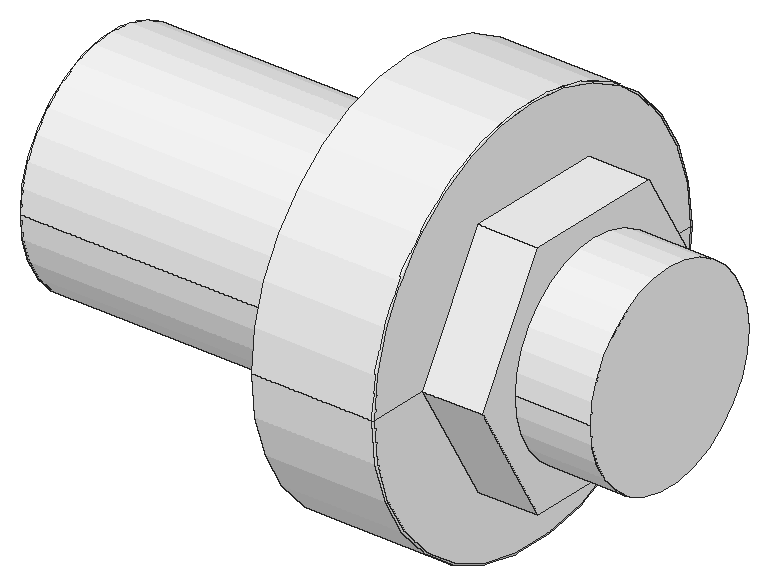
Revit family "BIMLIB_Муфта_комбинированная_ВР_под_ключ_РОСТерм", category Соединительные детали трубопроводов, Revit 2017
Family settings
  Размер круглого соединителя = Использовать диаметр
  Тип детали = Соединение
  На основе рабочей плоскости = Нет
  Всегда вертикально = Да
  При загрузке вырезать с полостями = Нет
  Общий = Нет
Parameters (values of type "Муфта комбинированная, под ключ ВР")
  Описание = "Муфта комбинированная внутренняя резьба под ключ"  # constant formula
  K Coefficient = 0.5  # constant formula
  Изготовитель = "РОСТерм"  # constant formula
  URL = "http://rostherm.ru/"
  РТ_S [instance] = РТ_GN + 14 mm  # 79 mm
  РТ_L1 = 55 mm  # constant formula
  РТ_L [instance] = size_lookup("Муфта комбинированная НР", "РТ_L", 0 mm, РТ_DN, РТ_GN)  # 99 mm
  РТ_GN [instance] = 65 mm
  РТ_DN [instance] = 75 mm
  РТ_D [instance] = РТ_DN * 1.35 + 30 mm  # 131.25 mm
  BL_Разработано = "support@bimlib.ru"  # constant formula
  BL_Email = "rostherm@bimlib.ru"  # constant formula
  BL_BIM library = "https://bimlib.pro/manufacturer/rosterm/1632/"
  ADSK_Примечание = ""
  ADSK_Позиция = ""
  ADSK_Обозначение = "ГОСТ 32415-2013"  # constant formula
  ADSK_Наименование краткое [instance] = size_lookup("КРнаим", "", "-", РТ_DN, РТ_GN)  # "Муфта комбинированная‚ под ключ ВР 75х2 1/2”"
  ADSK_Наименование [instance] = size_lookup("Муфта комбинированная НР", "", "-", РТ_DN, РТ_GN)  # "Муфта комбинированная‚ под ключ внутренняя резьба 75х2 1/2”"
  ADSK_Материал = BIMLIB_Белый_РТ
  ADSK_Масса_Текст = ""
  ADSK_Масса = 0
  ADSK_Марка [instance] = size_lookup("марка", "", "-", РТ_DN, РТ_GN)  # "ВР 75х2 1/2”"
  ADSK_Код изделия [instance] = size_lookup("код", "", "-", РТ_DN, РТ_GN)  # "BN21132"
  ADSK_Завод-изготовитель = "РОСТерм"  # constant formula
  ADSK_Единица измерения = "шт"  # constant formula
  ADSK_Версия Revit = "2017"  # constant formula
  ADSK_URL страницы изделия = "http://rostherm.ru/truby-i-fitingi-iz-polipropilena-pprt/"
  ADSK_URL документации изделия = "http://rostherm.ru/"
Reference planes
  plane 1 "По центру (Вперед/Назад)": y = 0
  plane 2: z = 0
  plane 3 "По центру (Влево/Вправо)": x = 0
  plane 4: x = -99
  plane 5: x = 40
  plane 6: y = 65.625
  plane 7: y = -65.625
  plane 8: y = 37.5
  plane 9: y = -37.5
  plane 10: x = 85
  plane 11: x = 60
Forms (mm)
  Revolve 1, solid, material "BIMLIB_Белый_РТ" <- "ADSK_Материал", detail levels medium+fine
    sketch origin (0, 0, 0) x (1, 0, 0) y (0, 1, 0)
      loop
        line (0, 65.625) -> (0, 0) -> (40, 0) -> (40, 65.125)
        arc (40, 65.125) -> (39.854, 65.479) -> (39.5, 65.625) r 0.5
        line (39.5, 65.625) -> (0, 65.625)
      axis (0, 0) -> (40, 0)
    angle from 0 to 360
  Revolve 2, solid, material "BIMLIB_Белый_РТ" <- "ADSK_Материал", detail levels medium+fine
    sketch origin (0, 0, 0) x (1, 0, 0) y (0, 1, 0)
      loop
        arc (-98.5, 37.5) -> (-98.854, 37.354) -> (-99, 37) r 0.5
        line (-99, 37) -> (-99, 0) -> (0, 0) -> (0, 37.5) -> (-98.5, 37.5)
      axis (-99, 0) -> (0, 0)
    angle from 0 to 360
  Extrusion 3, solid, material "BIMLIB_Белый_РТ" <- "ADSK_Материал", detail levels medium+fine
    sketch origin (0, 0, 0) x (0, 1, 0) y (0, 0, 1)
      loop
        circle (0, 0) r 32.5
    from 85 to 60
Lines and regions (mm)
  reference lines
    curve 1: line (-99, 0, 0) -> (58.5, 0, 0)
Dimensions and locks
  equal spacing: plane 6, plane 1 "По центру (Вперед/Назад)", plane 7
  "РТ_D": plane 6 to plane 7
  equal spacing: plane 8, plane 1 "По центру (Вперед/Назад)", plane 9
  "РТ_DN": plane 8 to plane 9
  "РТ_L": plane 4 to plane 3 "По центру (Влево/Вправо)"
  locked: plane 3 "По центру (Влево/Вправо)" to plane 5 at 40
  locked: plane 5 to plane 11 at 20
  locked: plane 11 to plane 10 at 25
  radius of Revolve 1 sketch curve = 0.5 mm
  radius of Revolve 2 sketch curve = 0.5 mm
  "РТ_GN": diameter of Extrusion 3 sketch curve
  aligned and locked: level to plane 2
  aligned and locked: Revolve 1 sketch curve to plane 6
  aligned and locked: plane 3 "По центру (Влево/Вправо)" to Revolve 1 sketch curve
  aligned and locked: Revolve 1 sketch curve to plane 1 "По центру (Вперед/Назад)"
  aligned and locked: Revolve 1 sketch curve to plane 5
  aligned and locked: Revolve 1 sketch curve to Revolve 1 sketch curve  (x2)
  aligned and locked: Revolve 2 sketch curve to plane 8
  aligned and locked: plane 4 to Revolve 2 sketch curve
  aligned and locked: Revolve 2 sketch curve to plane 1 "По центру (Вперед/Назад)"
  aligned and locked: Revolve 1 to Revolve 2 sketch curve
  aligned and locked: Revolve 2 sketch curve to Revolve 2 sketch curve  (x2)
  aligned and locked: plane 1 "По центру (Вперед/Назад)" to nested 1
  aligned and locked: plane 3 "По центру (Влево/Вправо)" to nested 1
  aligned and locked: plane 4 to curve 1
  aligned and locked: plane 1 "По центру (Вперед/Назад)" to curve 1
  aligned and locked: plane 5 to nested 2
  aligned and locked: plane 11 to nested 2
  aligned and locked: Extrusion 3 to nested 2
  aligned and locked: plane 10 to Extrusion 3
Automatic sketch dimensions
  Revolve 1 sketch curve to plane 5 = 0.24 mm
  Revolve 2 sketch curve to plane 3 "По центру (Влево/Вправо)" = 0 mm
  Revolve 2 sketch curve to Revolve 2 sketch curve = 0 mm
  Extrusion 3 sketch curve to level = 0 mm
  Extrusion 3 sketch curve to plane 1 "По центру (Вперед/Назад)" = 0 mm
  plane 5 to curve 1 = 18.5 mm
Nested families
  nested 1: "УГО_Переходник" at (0, 0, 0), Высота_ном <- "РТ_D", Длина ном1 <- "РТ_L", Длина_ном <- "РТ_L1", type "УГО_Переходник", detail levels coarse
    with Длина_ном 55 mm, Длина ном1 99 mm, Высота_ном 131.25 mm
  nested 2: "Гайка" at (40, 0, 0), Материал гайки <- "ADSK_Материал", S <- "РТ_S", type "Гайка", detail levels medium+fine
    with Материал гайки BIMLIB_Белый_РТ, h 20 mm, S 79 mm
Connectors
  piping at (-99, 0, 0), diameter 75, driven by "РТ_DN"
    settings: on curve 1, index 1, connector inside diameter 609.6 mm, connector length 0 mm, flow factor 0, pipe flow 0.0 L/s, pressure drop 0.0 Pa, fitting loss kfactor 0, connector angle 0.00°, fixture units 0, engagement length 0 mm, angle of deflection 0.00°, flow configuration 0, flow direction 0, fitting loss method 4, system type 28, joint type 0, gender type 0, connector reference index 2, connector utility 0, adjustable connector yes, is connector primary yes, connector description ""
  piping at (60, 0, 0), diameter 65, driven by "РТ_GN"
    settings: on Extrusion 3, index 2, connector inside diameter 609.6 mm, connector length 0 mm, flow factor 0, pipe flow 0.0 L/s, pressure drop 0.0 Pa, fitting loss kfactor 0, connector angle 0.00°, fixture units 0, engagement length 0 mm, angle of deflection 0.00°, flow configuration 0, flow direction 0, fitting loss method 0, system type 28, joint type 0, gender type 0, connector reference index 1, connector utility 0, adjustable connector no, is connector primary no, connector description ""
Definition of nested family "Гайка"
  Parameters (values of type "Гайка 6")
    Материал гайки [instance] = none
    h [instance] = 12 mm
    S [instance] = 32 mm
  Reference planes
    plane 1 "По центру (Вперед/Назад)": y = 0
    plane 2: z = 0
    plane 3 "По центру (Влево/Вправо)": x = 0
    plane 4: x = 12
  Forms (mm)
    Extrusion 1, solid, material <- "Материал гайки"
      sketch origin (0, 0, 0) x (0, 1, 0) y (0, 0, 1)
        loop
          line (-9.238, 16) -> (-18.475, 0) -> (-9.238, -16) -> (9.238, -16) -> (18.475, 0) -> (9.238, 16) -> (-9.238, 16)
      from 0 to 12
  Dimensions and locks
    equal spacing: Extrusion 1 sketch curve, plane 2, Extrusion 1 sketch curve  (x3)
    "S": Extrusion 1 sketch curve to Extrusion 1 sketch curve  (x3)
    "h": plane 3 "По центру (Влево/Вправо)" to plane 4
    locked: Extrusion 1 sketch curve to Extrusion 1 sketch curve (angle 120.00°)  (x5)
    aligned and locked: level to plane 2
    aligned and locked: plane 4 to Extrusion 1
Definition of nested family "УГО_Переходник"
  Parameters (values of type "УГО_Переходник")
    Длина_ном [instance] = 70 mm
    Длина ном1 [instance] = 70 mm
    Высота_ном [instance] = 40 mm
  Reference planes
    plane 1 "По центру (Вперед/Назад)": y = 0
    plane 2: z = 0
    plane 3 "По центру (Влево/Вправо)": x = 0
    plane 4: z = 20
    plane 5: z = -20
    plane 6: x = -70
    plane 7: x = 70
    plane 8: y = 20
    plane 9: y = -20
  Lines and regions (mm)
    model lines, not visible, detail levels coarse+medium
      curve 1: line (-70, 0, 20) -> (-70, 0, -20)
      curve 8: line (-70, 0, -20) -> (70, 0, 0)
      curve 9: line (-70, 0, 20) -> (70, 0, 0)
    symbolic lines, detail levels coarse+medium
      curve 2: line (-70, -20, 0) -> (-70, 20, 0)
      curve 6: line (-70, 20, 0) -> (70, 0, 0)
      curve 7: line (-70, -20, 0) -> (70, 0, 0)
    model lines, detail levels coarse+medium
      curve 3: line (-70, -20, 0) -> (-70, 20, 0)
      curve 4: line (-70, 20, 0) -> (70, 0, 0)
      curve 5: line (-70, -20, 0) -> (70, 0, 0)
  Dimensions and locks
    equal spacing: plane 4, plane 2, plane 5
    "Высота_ном": plane 4 to plane 5
    equal spacing: plane 8, plane 1 "По центру (Вперед/Назад)", plane 9
    "Высота_ном": plane 8 to plane 9
    "Длина_ном": plane 3 "По центру (Влево/Вправо)" to plane 7
    "Длина ном1": plane 6 to plane 3 "По центру (Влево/Вправо)"
    aligned and locked: level to plane 2
    aligned and locked: plane 9 to curve 5
    aligned and locked: plane 1 "По центру (Вперед/Назад)" to curve 5
    aligned and locked: plane 8 to curve 6
    aligned and locked: plane 6 to curve 6
    aligned and locked: plane 4 to curve 9
    aligned and locked: plane 7 to curve 9
    aligned and locked: plane 7 to curve 5
    aligned and locked: plane 7 to curve 4
    aligned and locked: plane 6 to curve 1
    aligned and locked: plane 6 to curve 9
    aligned and locked: plane 5 to curve 1
  Automatic sketch dimensions
    curve 8 to level = 0 mm
    curve 6 to plane 7 = 0 mm
